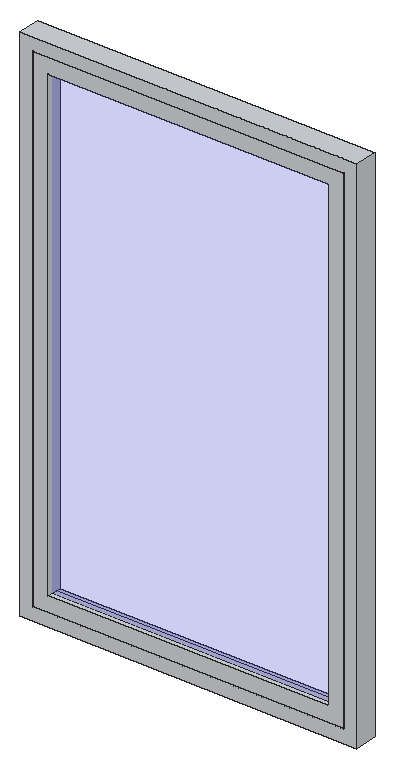
Revit family "Janela fixa - 1 Painel", category Janelas, Revit 2019
Family settings
  Hospedeiro = Parede
  Número OmniClass = 23.30.20.00
  Título OmniClass = Windows
  Sempre na vertical = Sim
  Corte com vazios quando carregada = Não
  Compartilhado = Não
  Ponto de cálculo do ambiente = Não
Parameters
  Visual Light Transmittance = 0.9
  Solar Heat Gain Coefficient = 0.86
  Rough Width = Width  # 900 mm
  Rough Height = Height  # 1400 mm
  Largura da moldura do painel = 40 mm
  Espessura da moldura do painel = 40 mm
  ID do tipo de construção = ""
  Height = 1400 mm
  Coeficiente de transferência de calor (U) = 5.5617 W/(m²·K)
  Vidro = none
  Largura da estrutura = 35 mm
  Espessura da moldura = 60 mm
  Material da moldura = none
  Altura-padrão do peitoril = 650 mm
  Fechamento da parede = Por hospedeiro
  Width = 900 mm
  Construção analítica = Janelas grandes envidraçadas únicas
Reference planes
  plane 1 "Centro (Frente/Trás)": y = 0
  plane 2 "Centro (Esquerda/Direita)": x = 0
  plane 3 "Esquerda": x = -450
  plane 4 "Direita": x = 450
  plane 5 "Peitoril": z = 650
  plane 6 "Extremidade superior": z = 2050
  plane 7 "Exterior": y = 100
  plane 8 "Interior": y = -100
  plane 9: z = 0
  plane 10: x = -415
  plane 11: x = 415
  plane 12: x = -375
  plane 13: x = 375
  plane 14: y = -40
  plane 15: y = -60
  plane 16: y = -80
  plane 17: z = 2015
  plane 18: z = 685
  plane 19: z = 1975
  plane 20: z = 725
  plane 21: x = -410
  plane 22: x = 410
  plane 23: z = 2010
  plane 24: z = 690
Forms (mm)
  Sweep 1, solid, material <- "Material da moldura", detail levels fine
    path origin (0, 100, 0) x (1, 0, 0) y (0, 0, 1)
      loop
        line (450, 2050) -> (-450, 2050) -> (-450, 650) -> (450, 650) -> (450, 2050)
    profile origin (-450, 100, 2050) x (0, -1, 0) y (1, 0, 0)
      loop
        line (140, 0) -> (200, 0) -> (200, 35) -> (140, 35) -> (140, 0)
  Sweep 2, solid, material <- "Material da moldura", detail levels fine
    path origin (0, 100, 0) x (1, 0, 0) y (0, 0, 1)
      loop
        line (415, 2015) -> (-415, 2015) -> (-415, 685) -> (415, 685) -> (415, 2015)
    profile origin (-415, 100, 2015) x (0, -1, 0) y (1, 0, 0)
      loop
        line (160, 0) -> (200, 0) -> (200, 40) -> (160, 40) -> (160, 0)
  Extrusion 3, solid, material <- "Vidro", detail levels fine
    sketch origin (0, 0, 0) x (1, 0, 0) y (0, 1, 0)
      loop
        line (-375, -73) -> (-375, -87) -> (375, -87) -> (375, -73) -> (-375, -73)
    from 725 to 1975
  Sweep 4, solid, material <- "Material da moldura", detail levels coarse+medium
    path origin (0, 100, 0) x (1, 0, 0) y (0, 0, 1)
      loop
        line (450, 2050) -> (-450, 2050) -> (-450, 650) -> (450, 650) -> (450, 2050)
    profile origin (-450, 100, 2050) x (0, -1, 0) y (1, 0, 0)
      loop
        line (160, 0) -> (200, 0) -> (200, 40) -> (160, 40) -> (160, 0)
  Extrusion 5, solid, material <- "Vidro", detail levels coarse+medium
    sketch origin (0, 0, 0) x (1, 0, 0) y (0, 1, 0)
      loop
        line (-410, -73) -> (-410, -87) -> (410, -87) -> (410, -73) -> (-410, -73)
    from 690 to 2010
Lines and regions (mm)
  Opening 1
    outline origin (3500, -100, 0) x (1, 0, 0) y (0, 0, 1)
      loop
        line (-3050, 650) -> (-3050, 2050) -> (-3950, 2050) -> (-3950, 650) -> (-3050, 650)
  symbolic lines, style "WindowsGlassProjection", detail levels coarse
    curve 1: line (-410, -80, 0) -> (410, -80, 0)
    curve 4: line (-450, -80, 2010) -> (-450, -80, 690)
  symbolic lines, style "WindowsGlassProjection", detail levels medium
    curve 2: line (-410, -73, 0) -> (410, -73, 0)
    curve 3: line (-410, -87, 0) -> (410, -87, 0)
    curve 5: line (-450, -73, 2010) -> (-450, -73, 690)
    curve 6: line (-450, -87, 690) -> (-450, -87, 2010)
Text (mm)
  text "EXTERIOR" at (-1963.203, 1332.353, 0), in view "Nível de referência"
  text "INTERIOR" at (-1981.466, -818.386, 0), in view "Nível de referência"
  text "Externo" at (0, 923.751, 2943.296), in view "Direita"
  text "Externo" at (0, 1040.484, 2685.409), in view "Esquerda"
Dimensions and locks
  equal spacing: plane 3 "Esquerda", plane 2 "Centro (Esquerda/Direita)", plane 4 "Direita"
  "Width": plane 3 "Esquerda" to plane 4 "Direita"
  "Height": plane 5 "Peitoril" to plane 6 "Extremidade superior"
  "Altura-padrão do peitoril": plane 5 "Peitoril" to level
  locked: plane 7 "Exterior" to host wall at 0
  locked: plane 8 "Interior" to host wall
  "Largura da estrutura": plane 3 "Esquerda" to plane 10
  "Largura da estrutura": plane 11 to plane 4 "Direita"
  "Largura da moldura do painel": plane 10 to plane 12
  "Largura da moldura do painel": plane 13 to plane 11
  "Espessura da moldura": plane 14 to plane 8 "Interior"
  "Espessura da moldura do painel": plane 15 to plane 8 "Interior"
  equal spacing: plane 15, plane 16, plane 8 "Interior"
  "Largura da estrutura": plane 17 to plane 6 "Extremidade superior"
  "Largura da estrutura": plane 5 "Peitoril" to plane 18
  Extrusion 3 sketch curve to plane 16 to Extrusion 3 sketch curve = 7 mm locked, 7 mm locked
  "Largura da moldura do painel": plane 19 to plane 17
  "Largura da moldura do painel": plane 18 to plane 20
  "Largura da moldura do painel": plane 3 "Esquerda" to plane 21
  "Largura da moldura do painel": plane 22 to plane 4 "Direita"
  Extrusion 5 sketch curve to plane 16 to Extrusion 5 sketch curve = 7 mm locked, 7 mm locked
  curve 3 to plane 16 to curve 2 = 7 mm locked, 7 mm locked
  "Largura da moldura do painel": plane 23 to plane 6 "Extremidade superior"
  "Largura da moldura do painel": plane 5 "Peitoril" to plane 24
  curve 5 to plane 16 to curve 6 = 7 mm locked, 7 mm locked
  plane 24 to plane 20 = 35 mm
  aligned and locked: level to plane 9
  aligned and locked: plane 4 "Direita" to Sweep 1 sketch curve
  aligned and locked: Sweep 1 sketch curve to plane 3 "Esquerda"  (x2)
  aligned and locked: plane 6 "Extremidade superior" to Sweep 1 sketch curve
  aligned and locked: Sweep 1 sketch curve to plane 5 "Peitoril"
  aligned and locked: Sweep 1 sketch curve to plane 14
  aligned and locked: Sweep 1 sketch curve to plane 8 "Interior"
  aligned and locked: Sweep 1 sketch curve to plane 10
  aligned and locked: Sweep 2 sketch curve to plane 17
  aligned and locked: plane 18 to Sweep 2 sketch curve
  aligned and locked: Sweep 2 sketch curve to plane 11
  aligned and locked: plane 10 to Sweep 2 sketch curve  (x2)
  aligned and locked: Sweep 2 sketch curve to plane 15
  aligned and locked: Sweep 2 sketch curve to plane 8 "Interior"
  aligned and locked: Sweep 2 sketch curve to plane 12
  aligned and locked: plane 12 to Extrusion 3 sketch curve
  aligned and locked: Extrusion 3 sketch curve to plane 13
  aligned and locked: plane 19 to Extrusion 3
  aligned and locked: Extrusion 3 to plane 20
  aligned and locked: plane 6 "Extremidade superior" to Sweep 4 sketch curve
  aligned and locked: Sweep 4 sketch curve to plane 5 "Peitoril"
  aligned and locked: Sweep 4 sketch curve to plane 3 "Esquerda"  (x2)
  aligned and locked: plane 4 "Direita" to Sweep 4 sketch curve
  aligned and locked: Sweep 4 sketch curve to plane 15
  aligned and locked: Sweep 4 sketch curve to plane 8 "Interior"
  aligned and locked: Sweep 4 sketch curve to plane 21
  aligned and locked: plane 21 to Extrusion 5 sketch curve
  aligned and locked: Extrusion 5 sketch curve to plane 22
  aligned and locked: curve 1 to plane 16
  aligned and locked: plane 21 to curve 1
  aligned and locked: plane 22 to curve 1
  aligned and locked: plane 22 to curve 2
  aligned and locked: plane 22 to curve 3
  aligned and locked: plane 21 to curve 2
  aligned and locked: plane 21 to curve 3
  aligned and locked: plane 23 to Extrusion 5  (x2)
  aligned and locked: Extrusion 5 to plane 24
  aligned and locked: plane 16 to curve 4
  aligned and locked: plane 24 to curve 4
  aligned and locked: plane 23 to curve 4
  aligned and locked: plane 23 to curve 6
  aligned and locked: plane 24 to curve 5
  aligned and locked: plane 24 to curve 6
Automatic sketch dimensions
  Opening 1 sketch curve to plane 3 "Esquerda" = 0 mm
  Opening 1 sketch curve to plane 4 "Direita" = 0 mm
  Opening 1 sketch curve to plane 5 "Peitoril" = 0 mm
  Opening 1 sketch curve to plane 6 "Extremidade superior" = 0 mm
  curve 5 to plane 23 = 0 mm
